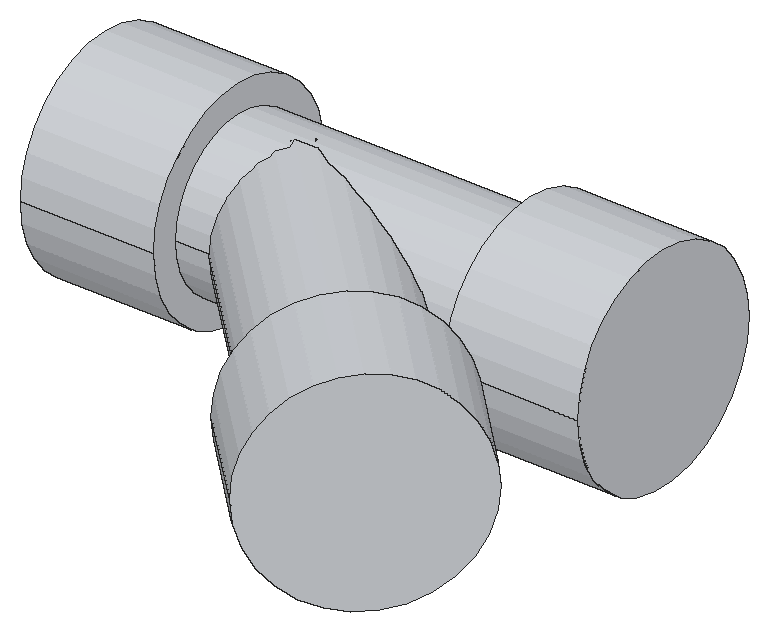
Revit family "75be1eba2e5d4779b42f0196848272b1", category Pipe Accessories, Revit 2021
Family settings
  Round Connector Dimension = Use Radius
  Part Type = Breaks Into
  OmniClass Number = 23.65.55.14
  OmniClass Title = Valves for Liquid Services
  Seek Item ID = Y Strainer - 2-20 Inch - Flanged-0000-USA-ENU
  Work Plane-Based = No
  Always vertical = Yes
  Cut with Voids When Loaded = No
  Shared = No
Parameters (values of type "2"")
  Strainer Material = none
  Strainer Length 2 = 0' - 4 3/8"
  Strainer Length 1 = 0' - 8 3/8"
  Outside Radius = Outside Diameter / 2  # 0' - 1.2"
  Outside Diameter = Nominal Radius * 2.4  # 0' - 2.4"
  Nominal Radius = 1"
  Nominal Diameter = Nominal Radius * 2  # 2"
  Length = 0' - 2"
  K Coefficient = 3.7
  Flange Radius = Flange Diameter / 2  # 0' - 1.6"
  Flange Diameter = Nominal Radius * 3.2  # 0' - 3.2"
  Default Elevation = 0' - 0"
Types (14): name | Strainer Length 2 | Strainer Length 1 | Outside Radius | Outside Diameter | Nominal Radius | Nominal Diameter | Length | K Coefficient | Flange Radius | Flange Diameter
  (no name) | 0' - 4 3/8" | 0' - 8 3/8" | 0' - 1.2" | 0' - 2.4" | 1" | 2" | 0' - 2" | 3.7 | 0' - 1.6" | 0' - 3.2"
  2" | 0' - 4 3/8" | 0' - 8 3/8" | 0' - 1.2" | 0' - 2.4" | 1" | 2" | 0' - 2" | 3.7 | 0' - 1.6" | 0' - 3.2"
  2 1/2" | 0' - 6 3/8" | 0' - 9 7/8" | 0' - 1 1/2" | 0' - 3" | 1 1/4" | 2 1/2" | 0' - 2" | 3.62 | 0' - 2" | 0' - 4"
  3" | 0' - 7 3/8" | 0' - 10 1/4" | 0' - 1.8" | 0' - 3.6" | 1 1/2" | 3" | 0' - 2" | 3 | 0' - 2.4" | 0' - 4.8"
  4" | 0' - 8 3/4" | 1' - 0 1/8" | 0' - 2.4" | 0' - 4.8" | 2" | 4" | 0' - 2" | 3.15 | 0' - 3.2" | 0' - 6.4"
  5" | 1' - 0" | 1' - 3 5/8" | 0' - 3" | 0' - 6" | 2 1/2" | 5" | 0' - 2" | 4.2 | 0' - 4" | 0' - 8"
  6" | 1' - 2" | 1' - 6 9/16" | 0' - 3.6" | 0' - 7.2" | 3" | 6" | 0' - 3" | 3.37 | 0' - 4.8" | 0' - 9.6"
  8" | 1' - 5 3/4" | 2' - 0 1/8" | 0' - 4.8" | 0' - 9.6" | 4" | 8" | 0' - 3" | 4.11 | 0' - 6.4" | 1' - 0.8"
  10" | 1' - 9 1/4" | 2' - 5 9/16" | 0' - 6" | 1' - 0" | 5" | 10" | 0' - 4" | 3.6 | 0' - 8" | 1' - 4"
  12" | 2' - 0" | 2' - 9 3/4" | 0' - 7.2" | 1' - 2.4" | 6" | 12" | 0' - 4" | 3.61 | 0' - 9.6" | 1' - 7.2"
  14" | 2' - 1 1/2" | 3' - 1 1/8" | 0' - 8.4" | 1' - 4.8" | 7" | 14" | 0' - 5" | 2.82 | 0' - 11.2" | 1' - 10.4"
  16" | 2' - 5 1/8" | 3' - 6 3/8" | 0' - 9.6" | 1' - 7.2" | 8" | 16" | 0' - 6" | 2.28 | 1' - 0.8" | 2' - 1.6"
  18" | 3' - 5" | 3' - 10 3/16" | 0' - 10.8" | 1' - 9.6" | 9" | 18" | 0' - 7" | 2.59 | 1' - 2.4" | 2' - 4.8"
  20" | 3' - 7" | 4' - 6 1/2" | 1' - 0" | 2' - 0" | 10" | 20" | 0' - 8" | 2.19 | 1' - 4" | 2' - 8"
Reference planes (in)
  plane 1 "Center (Front/Back)": y = 0
  plane 2: z = 0
  plane 3 "Center (Left/Right)": x = 0
  plane 4: x = -1
  plane 5: x = -3
  plane 6: x = 5.375
  plane 7: x = 3.375
  plane 8: y = 1.6
  plane 9: y = -1.6
Forms (in)
  Sweep 1, solid, material <- "Strainer Material", detail levels fine
    path in 3D
      loop
        line (-3, 0, 0) -> (-1, 0, 0)
    profile origin (-2, 0, 0) x (0, 1, 0) y (0, 0, 1)
      loop
        circle (0, 0) r 1.6
  Sweep 2, solid, material <- "Strainer Material", detail levels fine
    path in 3D
      loop
        line (-1, 0, 0) -> (3.375, 0, 0)
    profile origin (1.1875, 0, 0) x (0, 1, 0) y (0, 0, 1)
      loop
        circle (0, 0) r 1.2
  Sweep 3, solid, material <- "Strainer Material", detail levels fine
    path in 3D
      loop
        line (3.375, 0, 0) -> (5.375, 0, 0)
    profile origin (4.375, 0, 0) x (0, 1, 0) y (0, 0, 1)
      loop
        circle (0, 0) r 1.6
  Sweep 4, solid, material <- "Strainer Material", detail levels fine
    path in 3D
      loop
        line (0, 0, 0) -> (3.09359, -3.09359, 0)
    profile origin (1.5468, -1.5468, 0) x (0.707107, 0.707107, 0) y (0, 0, 1)
      loop
        circle (0, 0) r 1.2
  Sweep 5, solid, material <- "Strainer Material", detail levels fine
    path in 3D
      loop
        line (3.09359, -3.09359, 0) -> (4.50781, -4.50781, 0)
    profile origin (3.8007, -3.8007, 0) x (0.707107, 0.707107, 0) y (0, 0, 1)
      loop
        circle (0, 0) r 1.6
Cuts and joins
  joined: Sweep 1, Sweep 3, Sweep 4, Sweep 5
Lines and regions (in)
  model lines, detail levels coarse+medium
    curve 1: line (-3, 0, 0) -> (-1, 0, 0)
    curve 2: line (-1, 0, 0) -> (3.375, 0, 0)
    curve 3: line (3.375, 0, 0) -> (5.375, 0, 0)
    curve 4: line (0, 0, 0) -> (3.09359, -3.09359, 0)
    curve 5: line (3.09359, -3.09359, 0) -> (4.50781, -4.50781, 0)
    curve 11: line (-3, 1.6, 0) -> (-3, -1.6, 0)
    curve 12: line (5.375, 1.6, 0) -> (5.375, -1.6, 0)
    curve 13: line (4.50781, -4.50781, 0) -> (5.63918, -3.37643, 0)
    curve 14: line (4.50781, -4.50781, 0) -> (3.37643, -5.63918, 0)
  sketch lines
    curve 6: line (-3, 0, 0) -> (-1, 0, 0)
    curve 7: line (-1, 0, 0) -> (3.375, 0, 0)
    curve 8: line (3.375, 0, 0) -> (5.375, 0, 0)
    curve 9: line (0, 0, 0) -> (3.09359, -3.09359, 0)
    curve 10: line (3.09359, -3.09359, 0) -> (4.50781, -4.50781, 0)
Dimensions and locks (in)
  "Length": plane 5 to plane 4
  "Strainer Length 1": plane 6 to plane 5
  "Length": plane 7 to plane 6
  "Strainer Length 2": curve 4 to curve 4
  "Length": curve 5 to curve 5
  "Flange Radius": plane 8 to plane 1 "Center (Front/Back)"
  "Flange Radius": plane 9 to plane 1 "Center (Front/Back)"
  locked: plane 4 to plane 3 "Center (Left/Right)" at 1
  "Flange Radius": curve 13 to curve 13
  "Flange Radius": curve 14 to curve 14
  "Flange Radius": radius of Sweep 1 sketch curve
  "Outside Radius": radius of Sweep 2 sketch curve
  "Flange Radius": radius of Sweep 3 sketch curve
  "Outside Radius": radius of Sweep 4 sketch curve
  "Flange Radius": radius of Sweep 5 sketch curve
  locked: curve 4 to curve 2 (angle 45.00°)
  locked: curve 5 to plane 1 "Center (Front/Back)" (angle 45.00°)
  locked: curve 13 to curve 5 (angle 90.00°)
  locked: curve 5 to curve 14 (angle 90.00°)
  aligned and locked: plane 1 "Center (Front/Back)" to curve 1
  aligned and locked: plane 1 "Center (Front/Back)" to curve 2
  aligned and locked: plane 5 to curve 1
  aligned and locked: plane 4 to curve 1
  aligned and locked: plane 7 to curve 2
  aligned and locked: plane 6 to curve 3
  aligned and locked: plane 1 "Center (Front/Back)" to Sweep 1 sketch curve
  aligned and locked: plane 2 to Sweep 1 sketch curve
  aligned and locked: plane 2 to Sweep 2 sketch curve
  aligned and locked: plane 1 "Center (Front/Back)" to Sweep 2 sketch curve
  aligned and locked: plane 1 "Center (Front/Back)" to Sweep 3 sketch curve
  aligned and locked: plane 2 to Sweep 3 sketch curve
  aligned and locked: curve 11 to plane 5
  aligned and locked: plane 8 to curve 11
  aligned and locked: plane 9 to curve 11
  aligned and locked: curve 12 to plane 6
  aligned and locked: plane 8 to curve 12
  aligned and locked: plane 9 to curve 12
  aligned and locked: profile plane to plane 2
  aligned and locked: plane 2 to Sweep 5 sketch curve
Automatic sketch dimensions
  Sweep 4 sketch curve to profile plane = 0' - 0"  (x2)
  Sweep 5 sketch curve to profile plane = 0' - 0"
  curve 4 to plane 3 "Center (Left/Right)" = 0' - 0"
Connectors (in)
  piping at (-3, 0, 0), diameter 2, driven by "Nominal Radius"
    settings: on cut or joined group of Sweep 1, Sweep 3, Sweep 4, Sweep 5, index 1, connector inside diameter 2", connector length 0' - 0", flow factor 0, pipe flow 0 GPM, pressure drop 0.00 psi, fitting loss kfactor 0, connector angle 0.00°, fixture units 0, engagement length 0' - 0", angle of deflection 0.00°, flow configuration 0, flow direction 0, fitting loss method 2, system type 29, joint type 0, gender type 0, connector reference index 2, connector utility 0, adjustable connector no, is connector primary yes, connector description ""
  piping at (5.375, 0, 0), diameter 2, driven by "Nominal Radius", driven by "K Coefficient"
    settings: on cut or joined group of Sweep 1, Sweep 3, Sweep 4, Sweep 5, index 2, connector inside diameter 2", connector length 0' - 0", flow factor 0, pipe flow 0 GPM, pressure drop 0.00 psi, fitting loss kfactor 3.7, connector angle 0.00°, fixture units 0, engagement length 0' - 0", angle of deflection 0.00°, flow configuration 0, flow direction 0, fitting loss method 2, system type 29, joint type 0, gender type 0, connector reference index 1, connector utility 0, adjustable connector no, is connector primary no, connector description ""
